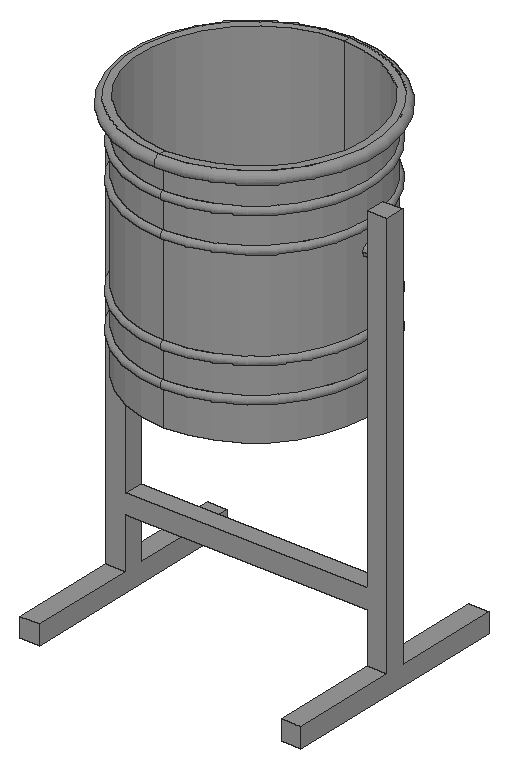
Revit family "Урна-пепельница Омега Арт 7331", category Антураж, Revit 2018
Family settings
  На основе рабочей плоскости = Нет
  Всегда вертикально = Да
  При загрузке вырезать с полостями = Нет
  Источник визуального образа = Геометрия семейства
  Общий = Нет
  Точка расчета площади = Нет
Parameters (values of type "Объем 20 литров")
  Ширина = 300 mm  # constant formula
  Цвет урны = Урна
  Цвет опор = Опора
  Описание = if(Объем 20 литров, "Урна-пепельница Омега, объемом 20 литров", "Урна-пепельница Омега, объемом 30 литров")  # "Урна-пепельница Омега, объемом 20 литров"
  Объем 30 литров = no
  Объем 20 литров = yes
  Материал изделия = "Сталь"  # constant formula
  Изображение типоразмера = Урна-пепельница Омега Арт 7331 20 литров.jpg
  Изготовитель = "ООО «Хоббика»"  # constant formula
  Длина = 360 mm  # constant formula
  Группа модели = "Уличные урны"  # constant formula
  Высота = 620 mm  # constant formula
  Артикул товара = "Арт. 7331"  # constant formula
  URL = "https://hobbyka.ru/product/urna-pepelnica_omega/"
Types (3, lengths in mm): name | Описание | Объем 30 литров | Объем 20 литров | Изображение типоразмера
  (no name) | "Урна-пепельница Омега, объемом 20 литров" | no | yes | Урна-пепельница Омега Арт 7331 20 литров.jpg
  Объем 20 литров | "Урна-пепельница Омега, объемом 20 литров" | no | yes | Урна-пепельница Омега Арт 7331 20 литров.jpg
  Объем 30 литров | "Урна-пепельница Омега, объемом 30 литров" | yes | no | Урна-пепельница Омега Арт 7331 30 литров.jpg
Reference planes
  plane 1 "По центру (Вперед/Назад)": y = 0
  plane 2: z = 0
  plane 3 "По центру (Влево/Вправо)": x = 0
  plane 4: x = 360
  plane 5: y = 300
  plane 6: z = 620
Forms (mm)
  Extrusion 1, solid, material "Опора" <- "Цвет опор"
    sketch origin (0, 0, 0) x (1, 0, 0) y (0, 0, 1)
      loop
        line (0, 547.5) -> (0, 0) -> (25, 0) -> (25, 90) -> (335, 90) -> (335, 0) -> (360, 0) -> (360, 547.5) -> (335, 547.5) -> (335, 115) -> (25, 115) -> (25, 547.5) -> (0, 547.5)
    from -162.5 to -137.5
  Extrusion 2, solid, material "Опора" <- "Цвет опор"
    sketch origin (0, 0, 0) x (1, 0, 0) y (0, 1, 0)
      loop
        line (0, 300) -> (0, 0) -> (25, 0) -> (25, 300) -> (0, 300)
      loop
        line (360, 300) -> (335, 300) -> (335, 0) -> (360, 0) -> (360, 300)
    from 0 to 25
  Extrusion 3, solid, material "Опора" <- "Цвет опор"
    sketch origin (0, 0, 0) x (0, 1, 0) y (0, 0, 1)
      loop
        circle (150, 495) r 7.5
    from 25 to 36.274
  Extrusion 4, solid, material "Опора" <- "Цвет опор"
    sketch origin (0, 0, 0) x (0, 1, 0) y (0, 0, 1)
      loop
        circle (150, 495) r 7.5
    from 323.756 to 335
Cuts and joins
  joined: Extrusion 1, Extrusion 2
Dimensions and locks
  "Ширина": plane 5 to plane 1 "По центру (Вперед/Назад)"
  "Длина": plane 3 "По центру (Влево/Вправо)" to plane 4
  "Высота": plane 6 to level
  equal spacing: plane 5, nested 1, plane 1 "По центру (Вперед/Назад)"
  equal spacing: plane 3 "По центру (Влево/Вправо)", nested 1, plane 4
  aligned and locked: level to plane 2
  aligned and locked: nested 1 to plane 6
  aligned and locked: nested 2 to plane 6
Automatic sketch dimensions
  Extrusion 1 sketch curve to plane 3 "По центру (Влево/Вправо)" = 0 mm
  Extrusion 1 sketch curve to level = 0 mm  (x2)
  Extrusion 1 sketch curve to plane 4 = 0 mm
  plane 3 "По центру (Влево/Вправо)" to Extrusion 1 sketch curve = 25 mm
  Extrusion 1 sketch curve to Extrusion 1 sketch curve = 0 mm
  Extrusion 1 sketch curve to Extrusion 1 sketch curve = 25 mm  (x3)
  level to Extrusion 1 sketch curve = 90 mm
  Extrusion 1 sketch curve to plane 6 = 72.5 mm  (x2)
  plane 1 "По центру (Вперед/Назад)" to Extrusion 2 sketch curve = 0 mm  (x2)
  Extrusion 2 sketch curve to plane 3 "По центру (Влево/Вправо)" = 0 mm
  Extrusion 2 sketch curve to plane 5 = 0 mm  (x2)
  Extrusion 2 sketch curve to plane 4 = 0 mm
  plane 3 "По центру (Влево/Вправо)" to Extrusion 2 sketch curve = 25 mm
  Extrusion 2 sketch curve to plane 4 = 25 mm
  Extrusion 3 sketch curve to plane 1 "По центру (Вперед/Назад)" = 150 mm
  Extrusion 3 sketch curve to plane 6 = 125 mm
  Extrusion 4 sketch curve to plane 1 "По центру (Вперед/Назад)" = 150 mm
  Extrusion 4 sketch curve to plane 6 = 125 mm
  radius of Extrusion 3 sketch curve = 7.5 mm
  radius of Extrusion 4 sketch curve = 7.5 mm
Nested families
  nested 1: "Урна-пепельница Омега Арт 7331 урна" at (180, 150, 620), visible <- "Объем 20 литров", type "20 литров"
  nested 2: "Урна-пепельница Омега Арт 7331 урна" at (180, 150, 620), visible <- "Объем 30 литров", type "30 литров"
Definition of nested family "Урна-пепельница Омега Арт 7331 урна"
  Parameters (values of type "20 литров")
    Материал урны = none
    Height = 0 mm
    30 литров = no
    20 литров = yes
  Types (2, lengths in mm): name | 30 литров | 20 литров
    20 литров | no | yes
    30 литров | yes | no
  Reference planes
    plane 1 "По центру (Вперед/Назад)": y = 0
    plane 2: z = 0
    plane 3 "По центру (Влево/Вправо)": x = 0
  Forms (mm)
    Revolve 1, solid, material <- "Материал урны", visible <- "30 литров"
      sketch origin (0, 0, -472) x (0, 1, 0) y (0, 0, 1)
        loop
          line (0, 0) -> (0, 2) -> (-143, 2) -> (-143, 472) -> (-152.5, 472)
          arc (-152.5, 472) -> (-160, 464.5) -> (-152.5, 457) r 7.5
          line (-152.5, 457) -> (-145, 457) -> (-145, 427)
          arc (-145, 427) -> (-150, 422) -> (-145, 417) r 5
          line (-145, 417) -> (-145, 382)
          arc (-145, 382) -> (-150, 377) -> (-145, 372) r 5
          line (-145, 372) -> (-145, 100)
          arc (-145, 100) -> (-150, 95) -> (-145, 90) r 5
          line (-145, 90) -> (-145, 55)
          arc (-145, 55) -> (-150, 50) -> (-145, 45) r 5
          line (-145, 45) -> (-145, 0) -> (0, 0)
        axis (0, 472) -> (0, 0)
      angle from 0 to 360
    Revolve 2, solid, material <- "Материал урны", visible <- "20 литров"
      sketch origin (0, 0, -317) x (0, 1, 0) y (0, 0, 1)
        loop
          line (0, 0) -> (0, 2) -> (-143, 2) -> (-143, 317) -> (-152.5, 317)
          arc (-152.5, 317) -> (-160, 309.5) -> (-152.5, 302) r 7.5
          line (-152.5, 302) -> (-145, 302) -> (-145, 272)
          arc (-145, 272) -> (-150, 267) -> (-145, 262) r 5
          line (-145, 262) -> (-145, 227)
          arc (-145, 227) -> (-150, 222) -> (-145, 217) r 5
          line (-145, 217) -> (-145, 100)
          arc (-145, 100) -> (-150, 95) -> (-145, 90) r 5
          line (-145, 90) -> (-145, 55)
          arc (-145, 55) -> (-150, 50) -> (-145, 45) r 5
          line (-145, 45) -> (-145, 0) -> (0, 0)
        axis (0, 317) -> (0, 0)
      angle from 0 to 360
  Dimensions and locks
    Revolve 1 to Revolve 1 = 470 mm
    diameter of Revolve 1 = 286 mm
    aligned and locked: level to plane 2
